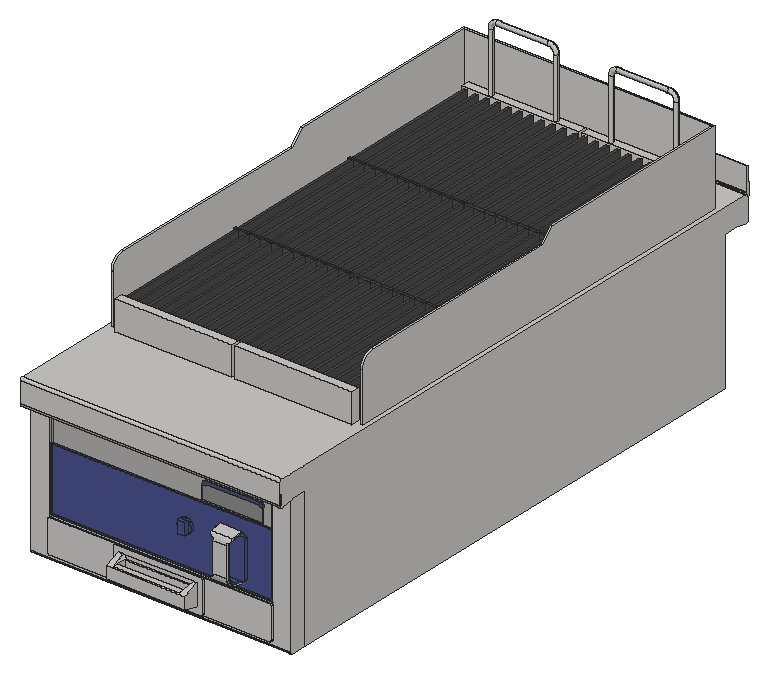
Revit family "QF_ELECTROLUXPROFESSIONAL_589279_MCDAABDOPO", category Specialty Equipment, Revit 2018
Family settings
  Round Connector Dimension = Use Diameter
  Part Type = Normal
  Work Plane-Based = No
  Always vertical = Yes
  Cut with Voids When Loaded = No
  Shared = No
  Room Calculation Point = No
Parameters
  Weight in Pounds = 143.3
  Watts = 0 W
  URL Cutsheet = ""
  Type Mark [instance] = ""
  Specification by User [instance] = ""
  Specification by Manufacturer = ""
  Show Clearance [instance] = yes
  Serial Number = ""
  Seismic Rating = ""
  SMACNA No = ""
  Revision Code [instance] = ""
  Omniclass Number and Title = ""
  NAFEM Spec ID Number = ""
  Model = "589279"
  Mechanical Remarks = ""
  Mechanical Connection Type = ""
  Masterspec = ""
  Manufacturer = "ELECTROLUX"
  Item Number [instance] = ""
  Installed By [instance] = ""
  Identify Quantity as Lot [instance] = yes
  HP = "0 HP"
  Gas Size = 3/4"
  Gas RI Height [instance] = 0 mm
  Gas KW = 10.5
  Gas Input [instance] = 35794.5 Btu/h
  Gas Connection Height = 0 mm
  Furnished By [instance] = ""
  Foodservice Equipment Identifier [instance] = yes
  Direct Waste Size = 0"
  Description = "GAS CHARGRILL,1SIDE,BACKSPL,400X900X250H"
  CSI MasterFormat = ""
  CSI Master Format = ""
Reference planes
  plane 1 "BACK": y = 0
  plane 2: z = 0
  plane 3 "LEFT": x = 0
  plane 4 "RIGHT": x = 400
  plane 5 "FRONT": y = -900
  plane 6 "TOP": z = 250
  plane 7: x = 200
  plane 8: y = -450
  plane 9: y = -1330
Forms (mm)
  Extrusion 1, solid, material "QF_Finishes_Stainless Steel"
    sketch origin (0, -487.128, 0) x (0, 1, 0) y (0, 0, 1)
      loop
        line (483.128, 250) -> (-408.872, 250)
        arc (-408.872, 250) -> (-411.7, 248.828) -> (-412.872, 246) r 4
        line (-412.872, 246) -> (-412.872, 214)
        arc (-412.872, 214) -> (-411.443, 210.936) -> (-408.177, 210.061) r 4
        line (-408.177, 210.061) -> (-391.509, 213) -> (-366.872, 213) -> (-366.872, 0) -> (441.128, 0) -> (441.128, 213) -> (465.765, 213) -> (482.433, 210.061)
        arc (482.433, 210.061) -> (485.699, 210.936) -> (487.128, 214) r 4
        line (487.128, 214) -> (487.128, 246)
        arc (487.128, 246) -> (485.956, 248.828) -> (483.128, 250) r 4
    from 0 to 400
  Extrusion 2, solid, material "QF_Finishes_Stainless Steel"
    sketch origin (0, -854, 0) x (1, 0, 0) y (0, -1, 0)
      loop
        circle (365, -264) r 6.35
    from 0 to 3.2
  Extrusion 3, solid, material "QF_Door-Drawer Clearances", visible <- "Show Clearance", detail levels coarse
    sketch origin (237.31, -881.593, 8.62) x (0, 0, 1) y (-1, 0, 0)
      loop
        line (1.973, -134.295) -> (49.317, -134.295)
        arc (49.317, -134.295) -> (50.776, -133.691) -> (51.38, -132.232) r 2.063
        line (51.38, -132.232) -> (51.38, 206.852)
        arc (51.38, 206.852) -> (50.88, 208.549) -> (49.541, 209.705) r 3.133
        line (49.541, 209.705) -> (3.067, 209.705)
        arc (3.067, 209.705) -> (0.898, 208.807) -> (0, 206.638) r 3.067
        line (0, 206.638) -> (0, -132.322)
        arc (0, -132.322) -> (0.578, -133.717) -> (1.973, -134.295) r 1.973
    from 0 to 448.407
  Extrusion 4, solid, material "QF_Clearances", visible <- "Show Clearance", detail levels coarse
    sketch origin (-178.969, -4572, 0) x (-1, 0, 0) y (0, -1, 0)
      loop
        line (-26.969, -3672) -> (-178.969, -3672) -> (-178.969, -4572) -> (-578.969, -4572) -> (-578.969, -3672) -> (-730.969, -3672) -> (-730.969, -4775) -> (-26.969, -4775) -> (-26.969, -3672)
    from 0 to 250
  Extrusion 5, solid, material "QF_Finishes_Stainless Steel"
    sketch origin (0, -950.048, 294.179) x (0, -1, 0) y (0, 0, -1)
      loop
        arc (-948.097, 42.179) -> (-947.511, 43.594) -> (-946.097, 44.179) r 2
        arc (-946.097, 44.179) -> (-948.877, 45.357) -> (-950.048, 48.185) r 4
        line (-950.048, 48.185) -> (-950.048, 6.179) -> (-948.097, 6.179) -> (-948.097, 42.179)
    from 0 to 400
Lines and regions (mm)
  symbolic lines
    curve 1: line (0, 0, 0) -> (400, 0, 0)
    curve 2: line (0, -900, 0) -> (0, 0, 0)
    curve 3: line (400, -900, 0) -> (0, -900, 0)
    curve 4: line (400, 0, 0) -> (400, -900, 0)
  symbolic lines, style "QF_Door-Drawer Clearances"
    curve 5: line (27.605, -1330, 0) -> (27.605, -900, 0)
    curve 6: line (27.605, -1330, 0) -> (371.605, -1330, 0)
    curve 7: line (371.605, -1330, 0) -> (371.605, -900, 0)
  symbolic lines, style "QF_Clearances", visible <- "Show Clearance", detail levels coarse
    curve 8: line (-152, 203, 0) -> (-152, -900, 0)
    curve 9: line (552, 203, 0) -> (-152, 203, 0)
    curve 10: line (552, -900, 0) -> (552, 203, 0)
  symbolic lines, style "SpecialityEquipment"
    curve 11: line (0, -1.951, 0) -> (400, -1.951, 0)
Dimensions and locks
  plane 3 "LEFT" to plane 4 "RIGHT" = 400 mm
  plane 5 "FRONT" to plane 1 "BACK" = 900 mm
  equal spacing: plane 3 "LEFT", plane 7, plane 4 "RIGHT"
  equal spacing: plane 5 "FRONT", plane 8, plane 1 "BACK"
  plane 6 "TOP" to level = 250 mm  (x2)
  plane 1 "BACK" to plane 5 "FRONT" = 900 mm
  Extrusion 2 sketch curve to plane 1 "BACK" = 590 mm
  Extrusion 2 sketch curve to plane 4 "RIGHT" = 35 mm
  plane 5 "FRONT" to plane 9 = 430 mm
  Extrusion 4 to plane 3 "LEFT" = 152 mm
  plane 4 "RIGHT" to Extrusion 4 = 152 mm
  plane 1 "BACK" to Extrusion 4 = 203 mm
  aligned and locked: level to plane 2
  aligned and locked: plane 7 to nested 1
  aligned and locked: Extrusion 3 to plane 9
  aligned and locked: plane 6 "TOP" to Extrusion 4
  aligned and locked: plane 7 to nested 2
  aligned and locked: Extrusion 5 to plane 4 "RIGHT"
Automatic sketch dimensions
  Extrusion 1 sketch curve to plane 5 "FRONT" = 0 mm
  Extrusion 1 sketch curve to plane 6 "TOP" = 0 mm
  Extrusion 1 sketch curve to level = 0 mm
  Extrusion 1 sketch curve to plane 1 "BACK" = 0 mm
  Extrusion 1 sketch curve to plane 6 "TOP" = 37 mm  (x2)
  Extrusion 1 sketch curve to plane 5 "FRONT" = 4 mm
  Extrusion 1 sketch curve to plane 5 "FRONT" = 21.363 mm
  Extrusion 1 sketch curve to plane 5 "FRONT" = 46 mm
  plane 1 "BACK" to Extrusion 1 sketch curve = 21.363 mm
  plane 1 "BACK" to Extrusion 1 sketch curve = 4 mm  (x2)
  Extrusion 1 sketch curve to Extrusion 1 sketch curve = 4 mm
  Extrusion 1 sketch curve to Extrusion 1 sketch curve = 0.695 mm
  Extrusion 1 sketch curve to Extrusion 1 sketch curve = 0 mm  (x4)
  plane 1 "BACK" to Extrusion 1 sketch curve = 4.695 mm
  Extrusion 1 sketch curve to Extrusion 1 sketch curve = 1 mm  (x2)
  plane 1 "BACK" to Extrusion 1 sketch curve = 46 mm
  Extrusion 3 sketch curve to nested 1 = 1.973 mm
  Extrusion 3 sketch curve to nested 1 = 2.853 mm
  Extrusion 3 sketch curve to nested 1 = 1.839 mm
  plane 1 "BACK" to Extrusion 4 sketch curve = 0 mm
  plane 5 "FRONT" to Extrusion 4 sketch curve = 0 mm  (x2)
  Extrusion 4 sketch curve to plane 4 "RIGHT" = 152 mm
  Extrusion 4 sketch curve to plane 1 "BACK" = 203 mm
  Extrusion 4 sketch curve to plane 3 "LEFT" = 152 mm
  Extrusion 4 sketch curve to plane 3 "LEFT" = 0 mm
  Extrusion 4 sketch curve to plane 4 "RIGHT" = 0 mm
  plane 1 "BACK" to curve 1 = 0 mm
  curve 1 to plane 4 "RIGHT" = 0 mm
  curve 7 to plane 9 = 0 mm
  curve 3 to plane 3 "LEFT" = 0 mm
  plane 5 "FRONT" to curve 3 = 0 mm
  plane 5 "FRONT" to curve 10 = 0 mm
  plane 5 "FRONT" to curve 8 = 0 mm
  curve 9 to plane 4 "RIGHT" = 152 mm
  plane 4 "RIGHT" to curve 7 = 28.395 mm
  plane 3 "LEFT" to curve 5 = 27.605 mm
  curve 8 to plane 3 "LEFT" = 152 mm
  curve 8 to plane 1 "BACK" = 203 mm
  curve 1 to curve 11 = 1.951 mm
  Extrusion 5 sketch curve to plane 1 "BACK" = 0 mm  (x2)
  Extrusion 5 sketch curve to plane 6 "TOP" = 2 mm
  Extrusion 5 sketch curve to plane 6 "TOP" = 0 mm
  Extrusion 5 sketch curve to Extrusion 5 sketch curve = 1.951 mm
  plane 6 "TOP" to Extrusion 5 sketch curve = 0.006 mm
  Extrusion 5 sketch curve to Extrusion 5 sketch curve = 0.049 mm
  Extrusion 5 sketch curve to Extrusion 5 sketch curve = 36 mm
  Extrusion 5 sketch curve to Extrusion 5 sketch curve = 0 mm
  radius of Extrusion 2 sketch curve = 6.35 mm
  radius of Extrusion 3 sketch curve to nested 1 = 0 mm  (x2)
Nested families
  nested 1: "GC_900_400 Front Panel with Center Grease Trap" at (202.376, -854, -650), type "GC_900_400 Front Panel with Center Grease Trap"
  nested 2: "GC_900_CharGrill" at (138.888, -5, 0), type "GC_900_CharGrill"
Connectors
  piping at (365, -590, -3.2), diameter 12.8
    settings: on Extrusion 2, index 1, connector inside diameter 0.50394", connector length 0 mm, flow factor 0, pipe flow 0 GPM, pressure drop 0.00 psi, fitting loss kfactor 0, connector angle 0.00°, fixture units 0, engagement length 0 mm, angle of deflection 0.00°, flow configuration 1, flow direction 1, fitting loss method 0, system type 7, joint type 0, gender type 0, connector reference index -1, connector utility 0, adjustable connector no, is connector primary yes, connector description "GAS CONNECTION"
Definition of nested family "GC_900_400 Front Panel with Center Grease Trap"
  Reference planes
    plane 1 "Center (Front/Back)": y = 0
    plane 2: z = 0
    plane 3 "Center (Left/Right)": x = -2.376
    plane 4: x = -202.376
    plane 5: x = 197.624
  Forms (mm)
    Extrusion 1, solid
      sketch origin (833.217, 829.203, -1.25) x (0, 1, 0) y (0, 0, 1)
        loop
          arc (-854.203, 654.25) -> (-853.324, 652.129) -> (-851.203, 651.25) r 3
          line (-851.203, 651.25) -> (-829.203, 651.25) -> (-829.203, 864.25) -> (-854.203, 864.25) -> (-854.203, 654.25)
      from -1035.593 to -635.593
    Extrusion 2, void
      sketch origin (33.217, 829.203, -1.25) x (1, 0, 0) y (0, 0, 1)
        loop
          line (-207.593, 855.116) -> (-207.593, 713.116) -> (136.407, 713.116) -> (136.407, 855.116) -> (-207.593, 855.116)
      from 848.59 to 854.203
    Extrusion 3, solid
      sketch origin (-166.718, -23.053, 847.184) x (0, 0, -1) y (1, 0, 0)
        loop
          circle (77.168, 200.901) r 11
      from 0 to 3.2
    Extrusion 4, solid
      sketch origin (-166.718, -26.253, 847.184) x (0, 0, -1) y (1, 0, 0)
        loop
          line (67.962, 195.586) -> (86.297, 195.586) -> (86.297, 206.217) -> (67.962, 206.217) -> (67.962, 195.586)
      from 0 to 6.4
  Cuts and joins
    Extrusion 2 cuts Extrusion 1
  Lines and regions (mm)
    symbolic lines
      curve 1: line (91.29, -48.326, 0) -> (91.29, -46, 0)
      curve 2: spline (96.959, -49.73, 0) -> (96.48, -49.657, 0) -> (96.002, -49.575, 0) -> (95.525, -49.486, 0) -> (95.049, -49.389, 0) -> (94.574, -49.283, 0) -> (94.101, -49.17, 0) -> (93.628, -49.049, 0) -> (93.158, -48.92, 0) -> (92.688, -48.783, 0) -> (92.22, -48.638, 0) -> (91.754, -48.486, 0) -> (91.29, -48.326, 0)
      curve 3: line (123.506, -48.326, 0) -> (123.506, -46, 0)
      curve 4: spline (123.506, -48.326, 0) -> (123.041, -48.486, 0) -> (122.575, -48.638, 0) -> (122.107, -48.783, 0) -> (121.638, -48.92, 0) -> (121.167, -49.049, 0) -> (120.695, -49.17, 0) -> (120.221, -49.283, 0) -> (119.746, -49.389, 0) -> (119.271, -49.486, 0) -> (118.794, -49.575, 0) -> (118.316, -49.657, 0) -> (117.837, -49.73, 0)
      curve 5: line (96.959, -49.73, 0) -> (117.837, -49.73, 0)
      curve 6: line (-54.768, -54.767, 0) -> (47.667, -54.767, 0)
      curve 7: line (47.667, -54.767, 0) -> (49.212, -46, 0)
      curve 8: line (-54.768, -54.767, 0) -> (-56.314, -46, 0)
  Dimensions and locks
    equal spacing: plane 5, plane 3 "Center (Left/Right)", plane 4
    plane 5 to plane 4 = 400 mm
    plane 5 to nested 1 = 90 mm
    aligned and locked: cut or joined group of Extrusion 1, Extrusion 2 to plane 4
    aligned and locked: plane 5 to cut or joined group of Extrusion 1, Extrusion 2
    aligned and locked: plane 3 "Center (Left/Right)" to nested 2
    aligned and locked: cut or joined group of Extrusion 1, Extrusion 2 to nested 2
    aligned and locked: plane 3 "Center (Left/Right)" to nested 3
  Automatic sketch dimensions
    curve 8 to plane 3 "Center (Left/Right)" = 52.392 mm
    plane 1 "Center (Front/Back)" to curve 8 = 54.767 mm
    plane 3 "Center (Left/Right)" to curve 6 = 50.042 mm
    curve 6 to curve 1 = 43.623 mm
    curve 1 to curve 5 = 5.669 mm
    curve 5 to curve 5 = 20.878 mm
    curve 5 to curve 3 = 5.669 mm
    curve 8 to curve 6 = 1.546 mm
    curve 6 to curve 7 = 1.546 mm
    plane 1 "Center (Front/Back)" to curve 2 = 6.899 mm
    curve 1 to curve 2 = 9.839 mm
    plane 1 "Center (Front/Back)" to curve 4 = 6.899 mm
    curve 2 to curve 4 = 12.538 mm
    curve 5 to curve 4 = 42.832 mm
    curve 2 to curve 1 = 1.405 mm
    curve 5 to curve 3 = 1.405 mm
    curve 3 to curve 3 = 2.326 mm
    curve 6 to curve 8 = 8.767 mm
    curve 2 to curve 1 = 2.326 mm
    curve 6 to curve 7 = 8.767 mm
    Extrusion 1 sketch curve to plane 1 "Center (Front/Back)" = 0 mm
    level to Extrusion 1 sketch curve = 650 mm
    Extrusion 1 sketch curve to Extrusion 1 sketch curve = 22 mm
    Extrusion 1 sketch curve to Extrusion 1 sketch curve = 3 mm
    Extrusion 1 sketch curve to Extrusion 1 sketch curve = 210 mm
    plane 4 to Extrusion 2 sketch curve = 28 mm
    level to Extrusion 2 sketch curve = 711.866 mm
    Extrusion 2 sketch curve to plane 5 = 28 mm
    Extrusion 2 sketch curve to Extrusion 2 sketch curve = 142 mm
    nested 2 to Extrusion 3 sketch curve = 40.144 mm
    Extrusion 3 sketch curve to nested 2 = 132.531 mm
    Extrusion 4 sketch curve to Extrusion 4 sketch curve = 18.335 mm
    Extrusion 4 sketch curve to Extrusion 4 sketch curve = 10.631 mm
    radius of Extrusion 3 sketch curve = 11 mm
  Nested families
    nested 1: "Range Control Handle" at (107.624, -28.137, -209.113) x (-1, 0, 0) z (0, 0, 1), type "Range Control Handle"
    nested 2: "glass conrol panel" at (-2.376, 280.644, 2.752), type "glass conrol panel"
    nested 3: "grease trap door" at (65.223, -25, 0.608) x (-1, 0, 0) z (0, 0, 1), type "grease trap door"
  Definition of nested family "Range Control Handle"
    Reference planes
      plane 1 "Center (Front/Back)": y = 0
      plane 2: z = 0
      plane 3 "Center (Left/Right)": x = 0
      plane 4: z = 971.092
    Forms (mm)
      Extrusion 1, solid
        sketch origin (-746.28, 380.497, 208.931) x (-1, 0, 0) y (0, 0, 1)
          loop
            line (-770.101, 786.798) -> (-770.101, 731.649)
            arc (-770.101, 731.649) -> (-769.759, 730.563) -> (-768.855, 729.87) r 1.893
            line (-768.855, 729.87) -> (-763.474, 727.911) -> (-729.81, 727.911) -> (-724.428, 729.87)
            arc (-724.428, 729.87) -> (-723.525, 730.563) -> (-723.183, 731.649) r 1.893
            line (-723.183, 731.649) -> (-723.183, 786.798)
            arc (-723.183, 786.798) -> (-723.529, 787.894) -> (-724.44, 788.593) r 1.91
            line (-724.44, 788.593) -> (-729.683, 790.819) -> (-763.601, 790.819) -> (-768.844, 788.593)
            arc (-768.844, 788.593) -> (-769.755, 787.894) -> (-770.101, 786.798) r 1.91
        from -382.35 to -378.852
      Sweep 2, solid
        path origin (-746.788, 380.496, 208.091) x (0, -1, 0) y (0, 0, 1)
          loop
            line (379.775, 793.281) -> (395.661, 791.048)
            arc (395.661, 791.048) -> (397.781, 787.377) -> (398.517, 783.202) r 12.207
            line (398.517, 783.202) -> (398.517, 737.368)
            arc (398.517, 737.368) -> (397.781, 733.193) -> (395.661, 729.522) r 12.207
            line (395.661, 729.522) -> (379.775, 727.289)
        profile origin (-746.788, -7.222, 1000.256) x (0, -0.139173, 0.990268) y (-1, 0, 0)
          loop
            line (0.782, -763.123) -> (0.782, -730.907) -> (-1.322, -730.907) -> (-1.322, -763.123) -> (0.782, -763.123)
      Sweep 3, solid
        path origin (-746.788, 380.715, 207.832) x (0, -1, 0) y (0, 0, 1)
          loop
            line (380.478, 795.442) -> (397.218, 793.09)
            arc (397.218, 793.09) -> (399.929, 788.473) -> (400.871, 783.202) r 15.207
            line (400.871, 783.202) -> (400.871, 737.584)
            arc (400.871, 737.584) -> (399.914, 732.274) -> (397.164, 727.633) r 15.207
            line (397.164, 727.633) -> (380.601, 725.305)
        profile origin (-746.788, -8.132, 1002.099) x (0, -0.139173, 0.990268) y (-1, 0, 0)
          loop
            line (0.782, -763.123) -> (0.782, -730.907) -> (-1.322, -730.907) -> (-1.322, -763.123) -> (0.782, -763.123)
      Extrusion 4, void
        sketch origin (889.253, 220.666, 207.993) x (1, 0, 0) y (0, 0, 1)
          loop
            line (-943.038, 816.854) -> (-943.038, 703.686) -> (-899.466, 734.196) -> (-899.466, 786.344) -> (-943.038, 816.854)
        from 230.636 to 242.25
      Extrusion 5, void
        sketch origin (-888.8, 220.666, 207.993) x (-1, 0, 0) y (0, 0, -1)
          loop
            line (-943.038, -816.854) -> (-899.466, -786.344) -> (-899.466, -734.196) -> (-943.038, -703.686) -> (-943.038, -816.854)
        from 230.636 to 242.25
      Extrusion 6, solid
        sketch origin (0, 0, 0) x (1, 0, 0) y (0, 0, 1)
          loop
            circle (0, 971.092) r 7.736
        from -3.137 to -1.645
    Cuts and joins
      Extrusion 4, Extrusion 5 cuts Sweep 3
      Extrusion 4, Extrusion 5 cuts Sweep 2
      joined: Extrusion 1, Extrusion 6
    Lines and regions (mm)
      symbolic lines
        curve 1: line (23.821, 1.645, 0) -> (-23.097, 1.645, 0)
        curve 2: line (16.334, -1.853, 0) -> (23.821, -1.853, 0)
        curve 3: line (-15.881, -19.189, 0) -> (-15.881, -1.853, 0)
        curve 4: line (-23.097, -1.853, 0) -> (-15.881, -1.853, 0)
        curve 5: line (16.334, -19.189, 0) -> (16.334, -1.853, 0)
        curve 6: spline (-15.881, -19.189, 0) -> (-15.417, -19.349, 0) -> (-14.951, -19.501, 0) -> (-14.483, -19.646, 0) -> (-14.014, -19.783, 0) -> (-13.543, -19.912, 0) -> (-13.071, -20.033, 0) -> (-12.597, -20.146, 0) -> (-12.122, -20.251, 0) -> (-11.646, -20.349, 0) -> (-11.169, -20.438, 0) -> (-10.691, -20.52, 0) -> (-10.213, -20.593, 0)
        curve 7: spline (10.666, -20.593, 0) -> (11.144, -20.52, 0) -> (11.622, -20.438, 0) -> (12.099, -20.349, 0) -> (12.575, -20.251, 0) -> (13.05, -20.146, 0) -> (13.524, -20.033, 0) -> (13.996, -19.912, 0) -> (14.467, -19.783, 0) -> (14.936, -19.646, 0) -> (15.404, -19.501, 0) -> (15.87, -19.349, 0) -> (16.334, -19.189, 0)
        curve 8: line (-10.213, -20.938, 0) -> (10.716, -20.938, 0)
        curve 9: line (-23.097, 1.645, 0) -> (-23.097, -1.853, 0)
        curve 10: line (23.821, 1.645, 0) -> (23.821, -1.853, 0)
  Definition of nested family "glass conrol panel"
    Reference planes
      plane 1 "Center (Front/Back)": y = 0
      plane 2: z = 0
      plane 3 "Center (Left/Right)": x = 0
    Forms (mm)
      Extrusion 1, solid
        sketch origin (378.286, 0, 0.617) x (1, 0, 0) y (0, 0, 1)
          loop
            line (-550.286, 806.791) -> (-550.286, 708.497) -> (-206.286, 708.497) -> (-206.286, 806.791) -> (-550.286, 806.791)
        from 300.031 to 304.8
      Extrusion 2, solid
        sketch origin (378.286, 0, 0.617) x (1, 0, 0) y (0, 0, 1)
          loop
            line (-550.286, 850.497) -> (-550.286, 806.791) -> (-206.286, 806.791) -> (-206.286, 850.497) -> (-550.286, 850.497)
        from 300.031 to 304.8
      Extrusion 3, void
        sketch origin (378.286, 0, 0.617) x (1, 0, 0) y (0, 0, 1)
          loop
            line (-547.628, 847.565) -> (-547.628, 710.699) -> (-209.196, 710.699) -> (-209.196, 847.565) -> (-547.628, 847.565)
        from 303.697 to 304.8
      Extrusion 4, solid
        sketch origin (-198.333, 1.101, -0.633) x (-1, 0, 0) y (0, 0, -1)
          loop
            line (-261.431, -812.62) -> (-355.186, -812.62) -> (-355.186, -834.177) -> (-350.269, -834.177) -> (-348.469, -835.977) -> (-268.039, -835.977) -> (-266.24, -834.177) -> (-261.431, -834.177) -> (-261.431, -812.62)
        from 304.798 to 306.745
      Extrusion 5, solid
        sketch origin (-198.333, 1.101, -0.633) x (-1, 0, 0) y (0, 0, -1)
          loop
            line (-350.269, -834.177) -> (-355.078, -834.177)
            arc (-355.078, -834.177) -> (-353.942, -838.747) -> (-349.686, -840.763) r 5.5
            line (-349.686, -840.763) -> (-266.98, -840.763)
            arc (-266.98, -840.763) -> (-262.706, -838.752) -> (-261.529, -834.177) r 5.549
            line (-261.529, -834.177) -> (-266.24, -834.177) -> (-268.039, -835.977) -> (-348.469, -835.977) -> (-350.269, -834.177)
        from 304.798 to 306.745
    Cuts and joins
      Extrusion 3 cuts Extrusion 1
      Extrusion 3 cuts Extrusion 2
    Dimensions and locks
      aligned and locked: Extrusion 1 to Extrusion 2
      aligned and locked: Extrusion 5 sketch curve to Extrusion 4  (x5)
      aligned and locked: Extrusion 5 to Extrusion 4
  Definition of nested family "grease trap door"
    Reference planes
      plane 1 "Center (Front/Back)": y = 0
      plane 2: z = 0
      plane 3 "Center (Left/Right)": x = 0
    Forms (mm)
      Extrusion 1, solid
        sketch origin (1627.55, 854.203, -1.25) x (1, 0, 0) y (0, 0, 1)
          loop
            arc (-1627.55, 661.235) -> (-1626.972, 659.84) -> (-1625.577, 659.262) r 1.973
            line (-1625.577, 659.262) -> (-1494.325, 659.262)
            arc (-1494.325, 659.262) -> (-1492.156, 660.16) -> (-1491.258, 662.329) r 3.067
            line (-1491.258, 662.329) -> (-1491.258, 708.803)
            arc (-1491.258, 708.803) -> (-1492.414, 710.143) -> (-1494.111, 710.642) r 3.133
            line (-1494.111, 710.642) -> (-1625.486, 710.642)
            arc (-1625.486, 710.642) -> (-1626.945, 710.038) -> (-1627.55, 708.579) r 2.063
            line (-1627.55, 708.579) -> (-1627.55, 661.235)
        from 856.795 to 859.203
      Extrusion 2, solid
        sketch origin (445.874, 2476.61, 0) x (0, 1, 0) y (0, 0, 1)
          loop
            line (-2506.377, 675.273) -> (-2481.61, 667.505) -> (-2481.61, 700.995) -> (-2506.377, 693.227) -> (-2506.377, 675.273)
        from -437.68 to -317.68
      Extrusion 3, void
        sketch origin (1627.55, 854.203, -1.25) x (1, 0, 0) y (0, 0, 1)
          loop
            line (-1614.883, 703) -> (-1610.542, 695.433) -> (-1508.17, 695.433) -> (-1503.828, 703) -> (-1614.883, 703)
          loop
            line (-1614.883, 668) -> (-1502.669, 668) -> (-1507.01, 675.567) -> (-1610.542, 675.567) -> (-1614.883, 668)
        from 832.916 to 883.97
      Extrusion 4, void
        sketch origin (447.55, 854.203, -1.25) x (1, 0, 0) y (0, 0, 1)
          loop
            line (-430.542, 695.433) -> (-430.542, 675.567) -> (-328.17, 675.567) -> (-328.17, 695.433) -> (-430.542, 695.433)
        from 859.203 to 874.202
      Extrusion 5, solid
        sketch origin (1627.55, 854.203, -1.25) x (1, 0, 0) y (0, 0, 1)
          loop
            arc (-1731.556, 661.235) -> (-1730.978, 659.84) -> (-1729.583, 659.262) r 1.973
            line (-1729.583, 659.262) -> (-1390.623, 659.262)
            arc (-1390.623, 659.262) -> (-1388.454, 660.16) -> (-1387.556, 662.329) r 3.067
            line (-1387.556, 662.329) -> (-1387.556, 708.803)
            arc (-1387.556, 708.803) -> (-1388.712, 710.143) -> (-1390.409, 710.642) r 3.133
            line (-1390.409, 710.642) -> (-1729.493, 710.642)
            arc (-1729.493, 710.642) -> (-1730.952, 710.038) -> (-1731.556, 708.579) r 2.063
            line (-1731.556, 708.579) -> (-1731.556, 661.235)
        from 854.203 to 856.795
    Cuts and joins
      Extrusion 3 cuts Extrusion 1
      Extrusion 3, Extrusion 4 cuts Extrusion 2
      joined: Extrusion 1, Extrusion 2
    Lines and regions (mm)
      symbolic lines
        curve 1: line (0, -2.593, 0) -> (136.292, -2.593, 0)
        curve 2: line (17.557, -29.767, 0) -> (12.667, -2.593, 0)
        curve 3: line (17.557, -29.767, 0) -> (119.991, -29.767, 0)
        curve 4: line (119.991, -29.767, 0) -> (124.881, -2.593, 0)
        curve 5: line (68.146, -2.593, 0) -> (68.146, -29.767, 0)
      model lines
        curve 6: line (67.599, 0, 658.012) -> (67.599, 0, 709.392)
    Dimensions and locks
      aligned and locked: Extrusion 2 to Extrusion 1
      aligned and locked: Extrusion 3 to Extrusion 2
      aligned and locked: Extrusion 4 to Extrusion 1
Definition of nested family "GC_900_CharGrill"
  Parameters
    Width [instance] = 400 mm
    No. of Rails [instance] = 2
    Grill Width [instance] = 180 mm
  Reference planes
    plane 1 "Center (Front/Back)": y = 0
    plane 2: z = 0
    plane 3 "Center (Left/Right)": x = -138.888
    plane 4: y = -900
    plane 5: x = 261.112
    plane 6: x = 61.112
    plane 7: y = -450
    plane 8: z = 250
    plane 9: x = -132.538
    plane 10: x = 254.762
    plane 11: y = -53.75
  Forms (mm)
    Extrusion 1, solid
      sketch origin (-132.538, 36.469, 1219.2) x (0, 1, 0) y (0, 0, 1)
        loop
          line (-90.219, -969.2) -> (-90.219, -854.2) -> (-400.219, -854.2) -> (-419.147, -873.128) -> (-744.324, -873.128)
          arc (-744.324, -873.128) -> (-758.466, -878.986) -> (-764.324, -893.128) r 20
          line (-764.324, -893.128) -> (-764.324, -969.2) -> (-90.219, -969.2)
      from 0 to 3.2
    Extrusion 2, solid
      sketch origin (254.762, 36.469, 1219.2) x (0, 1, 0) y (0, 0, -1)
        loop
          line (-90.219, 969.2) -> (-764.324, 969.2) -> (-764.324, 893.128)
          arc (-764.324, 893.128) -> (-758.466, 878.986) -> (-744.324, 873.128) r 20
          line (-744.324, 873.128) -> (-419.147, 873.128) -> (-400.219, 854.2) -> (-90.219, 854.2) -> (-90.219, 969.2)
      from 0 to 3.2
    Extrusion 3, solid
      sketch origin (-132.538, -53.75, 1219.2) x (-1, 0, 0) y (0, 0, 1)
        loop
          line (-387.3, -854.2) -> (-387.3, -969.2) -> (0, -969.2) -> (0, -854.2) -> (-387.3, -854.2)
      from 0 to 3.2
  Cuts and joins
    joined: Extrusion 1, Extrusion 2, Extrusion 3
  Lines and regions (mm)
    symbolic lines
      curve 1: line (254.762, -50.55, 0) -> (-132.538, -50.55, 0)
      curve 2: line (-132.538, -50.55, 0) -> (-132.538, -363.75, 0)
      curve 3: line (-132.538, -363.75, 0) -> (-129.338, -363.75, 0)
      curve 4: line (-129.338, -363.75, 0) -> (-129.338, -53.75, 0)
      curve 5: line (-129.338, -53.75, 0) -> (251.562, -53.75, 0)
      curve 6: line (251.562, -53.75, 0) -> (251.562, -363.75, 0)
      curve 7: line (251.562, -363.75, 0) -> (254.762, -363.75, 0)
      curve 8: line (254.762, -363.75, 0) -> (254.762, -50.55, 0)
  Dimensions and locks
    "Width": plane 3 "Center (Left/Right)" to plane 5
    plane 4 to plane 1 "Center (Front/Back)" = 900 mm
    equal spacing: plane 3 "Center (Left/Right)", plane 6, plane 5
    equal spacing: plane 4, plane 7, plane 1 "Center (Front/Back)"
    plane 8 to level = 250 mm
    locked: plane 3 "Center (Left/Right)" to plane 9 at 6.35
    locked: plane 10 to plane 5 at 6.35
    locked: nested 1 to plane 3 "Center (Left/Right)" at 17.5
    group 1 to group 2 = 185 mm
    group 1 to group 2 = 0 mm  (x2)
    locked: plane 5 to nested 2 at 17.5
  Automatic sketch dimensions
    Extrusion 1 sketch curve to plane 8 = 0 mm
    Extrusion 1 sketch curve to plane 4 = 172.145 mm
    plane 8 to Extrusion 1 sketch curve = 76.072 mm
    Extrusion 1 sketch curve to Extrusion 1 sketch curve = 20 mm
    plane 7 to Extrusion 1 sketch curve = 67.322 mm
    Extrusion 1 sketch curve to Extrusion 1 sketch curve = 18.928 mm  (x2)
    plane 1 "Center (Front/Back)" to Extrusion 1 sketch curve = 53.75 mm
    Extrusion 2 sketch curve to plane 8 = 0 mm
    plane 4 to Extrusion 2 sketch curve = 172.145 mm
    Extrusion 2 sketch curve to plane 8 = 76.072 mm
    Extrusion 2 sketch curve to Extrusion 2 sketch curve = 20 mm
    Extrusion 2 sketch curve to plane 7 = 67.322 mm
    Extrusion 2 sketch curve to Extrusion 2 sketch curve = 18.928 mm  (x2)
    Extrusion 2 sketch curve to plane 1 "Center (Front/Back)" = 53.75 mm
    Extrusion 3 sketch curve to plane 8 = 0 mm
    plane 10 to Extrusion 3 sketch curve = 0 mm
    Extrusion 3 sketch curve to plane 9 = 0 mm
    plane 8 to Extrusion 3 sketch curve = 115 mm
    curve 1 to plane 9 = 0 mm
    curve 5 to plane 11 = 0 mm
    curve 1 to plane 10 = 0 mm
    plane 7 to curve 8 = 86.25 mm
    plane 9 to curve 5 = 3.2 mm
    plane 10 to curve 5 = 3.2 mm
    plane 7 to curve 2 = 86.25 mm
    plane 11 to curve 1 = 3.2 mm
  Nested families
    nested 1: "Grill" at (17.5, -55, 250), Width <- "Grill Width", type "Grill"
    nested 2: "Grill" at (202.5, -55, 250), Width <- "Grill Width", type "Grill"
      with Width 180 mm
  Definition of nested family "Grill"
    Parameters
      Width [instance] = 180 mm
    Reference planes
      plane 1 "Center (Front/Back)": y = 0
      plane 2: z = 0
      plane 3 "Center (Left/Right)": x = -138.888
      plane 4: y = -680
      plane 5: x = 41.112
      plane 6: x = -48.888
      plane 7: y = -340
      plane 8: z = 150
      plane 9: x = -133.888
      plane 10: x = 36.112
      plane 11: x = -116.888
      plane 12: x = -99.888
      plane 13: x = -82.888
      plane 14: x = -65.888
      plane 15: x = -48.888
      plane 16: x = -31.888
      plane 17: x = -14.888
      plane 18: x = 2.112
      plane 19: x = 19.112
    Forms (mm)
      Extrusion 1, solid
        sketch origin (0, 0, 0) x (1, 0, 0) y (0, 0, 1)
          loop
            line (41.112, 0) -> (41.112, 45) -> (-138.888, 45) -> (-138.888, 0) -> (41.112, 0)
        from 0 to 12.7
      Extrusion 2, solid
        sketch origin (414.497, -680, 1219.2) x (1, 0, 0) y (0, 0, 1)
          loop
            line (-373.385, -1219.2) -> (-373.385, -1174.2) -> (-553.385, -1174.2) -> (-553.385, -1219.2) -> (-373.385, -1219.2)
        from 0 to -12.7
      Sweep 3, solid
        path origin (-132.538, -6.35, 1219.2) x (-1, 0, 0) y (0, 0, 1)
          loop
            line (-33.65, -1174.2) -> (-33.65, -1082.375)
            arc (-33.65, -1082.375) -> (-36.579, -1075.304) -> (-43.65, -1072.375) r 10
            line (-43.65, -1072.375) -> (-123.65, -1072.375)
            arc (-123.65, -1072.375) -> (-130.721, -1075.304) -> (-133.65, -1082.375) r 10
            line (-133.65, -1082.375) -> (-133.65, -1174.2)
        profile origin (-98.888, -6.35, 90.912) x (1, 0, 0) y (0, 1, 0)
          loop
            circle (0, 0) r 3.175
      Extrusion 4, solid
        sketch origin (-1.925, -12.7, -4.375) x (1, 0, 0) y (0, 0, 1)
          loop
            line (-133.955, 46.301) -> (-134.968, 31.301) -> (-128.957, 31.301) -> (-129.97, 46.301) -> (-133.955, 46.301)
        from 0 to 654.6
      Extrusion 5, solid
        sketch origin (168.075, -12.7, -4.375) x (1, 0, 0) y (0, 0, 1)
          loop
            line (-133.955, 46.301) -> (-134.968, 31.301) -> (-128.957, 31.301) -> (-129.97, 46.301) -> (-133.955, 46.301)
        from 0 to 654.6
      Extrusion 6, solid
        sketch origin (15.075, -12.7, -4.375) x (1, 0, 0) y (0, 0, 1)
          loop
            line (-133.955, 46.301) -> (-134.968, 31.301) -> (-128.957, 31.301) -> (-129.97, 46.301) -> (-133.955, 46.301)
        from 0 to 654.6
      Extrusion 7, solid
        sketch origin (32.075, -12.7, -4.375) x (1, 0, 0) y (0, 0, 1)
          loop
            line (-133.955, 46.301) -> (-134.968, 31.301) -> (-128.957, 31.301) -> (-129.97, 46.301) -> (-133.955, 46.301)
        from 0 to 654.6
      Extrusion 8, solid
        sketch origin (49.075, -12.7, -4.375) x (1, 0, 0) y (0, 0, 1)
          loop
            line (-133.955, 46.301) -> (-134.968, 31.301) -> (-128.957, 31.301) -> (-129.97, 46.301) -> (-133.955, 46.301)
        from 0 to 654.6
      Extrusion 9, solid
        sketch origin (66.075, -12.7, -4.375) x (1, 0, 0) y (0, 0, 1)
          loop
            line (-133.955, 46.301) -> (-134.968, 31.301) -> (-128.957, 31.301) -> (-129.97, 46.301) -> (-133.955, 46.301)
        from 0 to 654.6
      Extrusion 10, solid
        sketch origin (83.075, -12.7, -4.375) x (1, 0, 0) y (0, 0, 1)
          loop
            line (-133.955, 46.301) -> (-134.968, 31.301) -> (-128.957, 31.301) -> (-129.97, 46.301) -> (-133.955, 46.301)
        from 0 to 654.6
      Extrusion 11, solid
        sketch origin (100.075, -12.7, -4.375) x (1, 0, 0) y (0, 0, 1)
          loop
            line (-133.955, 46.301) -> (-134.968, 31.301) -> (-128.957, 31.301) -> (-129.97, 46.301) -> (-133.955, 46.301)
        from 0 to 654.6
      Extrusion 12, solid
        sketch origin (117.075, -12.7, -4.375) x (1, 0, 0) y (0, 0, 1)
          loop
            line (-133.955, 46.301) -> (-134.968, 31.301) -> (-128.957, 31.301) -> (-129.97, 46.301) -> (-133.955, 46.301)
        from 0 to 654.6
      Extrusion 13, solid
        sketch origin (134.075, -12.7, -4.375) x (1, 0, 0) y (0, 0, 1)
          loop
            line (-133.955, 46.301) -> (-134.968, 31.301) -> (-128.957, 31.301) -> (-129.97, 46.301) -> (-133.955, 46.301)
        from 0 to 654.6
      Extrusion 14, solid
        sketch origin (151.075, -12.7, -4.375) x (1, 0, 0) y (0, 0, 1)
          loop
            line (-133.955, 46.301) -> (-134.968, 31.301) -> (-128.957, 31.301) -> (-129.97, 46.301) -> (-133.955, 46.301)
        from 0 to 654.6
      Extrusion 15, solid
        sketch origin (-138.888, -110, 0) x (0, 1, 0) y (0, 0, 1)
          loop
            line (-341.993, 41.926) -> (-343.006, 26.926) -> (-336.994, 26.926) -> (-338.007, 41.926) -> (-341.993, 41.926)
          loop
            line (-121.993, 41.926) -> (-123.006, 26.926) -> (-116.994, 26.926) -> (-118.007, 41.926) -> (-121.993, 41.926)
        from 0 to 180
    Lines and regions (mm)
      symbolic lines
        curve 1: line (-136.894, -12.7, 0) -> (-136.894, -667.3, 0)
        curve 2: line (-130.882, -12.7, 0) -> (-130.882, -667.3, 0)
        curve 3: line (33.106, -12.7, 0) -> (33.106, -667.3, 0)
        curve 4: line (39.118, -12.7, 0) -> (39.118, -667.3, 0)
        curve 5: line (-119.894, -12.7, 0) -> (-119.894, -667.3, 0)
        curve 6: line (-113.882, -12.7, 0) -> (-113.882, -667.3, 0)
        curve 7: line (-102.894, -12.7, 0) -> (-102.894, -667.3, 0)
        curve 8: line (-96.882, -12.7, 0) -> (-96.882, -667.3, 0)
        curve 9: line (-85.894, -12.7, 0) -> (-85.894, -667.3, 0)
        curve 10: line (-79.882, -12.7, 0) -> (-79.882, -667.3, 0)
        curve 11: line (-68.894, -12.7, 0) -> (-68.894, -667.3, 0)
        curve 12: line (-62.882, -12.7, 0) -> (-62.882, -667.3, 0)
        curve 13: line (-51.894, -12.7, 0) -> (-51.894, -667.3, 0)
        curve 14: line (-45.882, -12.7, 0) -> (-45.882, -667.3, 0)
        curve 15: line (-34.894, -12.7, 0) -> (-34.894, -667.3, 0)
        curve 16: line (-28.882, -12.7, 0) -> (-28.882, -667.3, 0)
        curve 17: line (-17.894, -12.7, 0) -> (-17.894, -667.3, 0)
        curve 18: line (-11.882, -12.7, 0) -> (-11.882, -667.3, 0)
        curve 19: line (-0.894, -12.7, 0) -> (-0.894, -667.3, 0)
        curve 20: line (5.118, -12.7, 0) -> (5.118, -667.3, 0)
        curve 21: line (16.106, -12.7, 0) -> (16.106, -667.3, 0)
        curve 22: line (22.118, -12.7, 0) -> (22.118, -667.3, 0)
        curve 23: line (-98.888, -3.175, 0) -> (1.112, -3.175, 0)
        curve 24: line (1.112, -9.525, 0) -> (-98.888, -9.525, 0)
        curve 25: arc (-98.888, -3.175, 0) -> (-102.063, -6.35, 0) -> (-98.888, -9.525, 0) r 3.175
        curve 26: arc (1.112, -3.175, 0) -> (4.287, -6.35, 0) -> (1.112, -9.525, 0) r 3.175
        curve 27: line (-138.888, 0, 0) -> (41.112, 0, 0)
        curve 28: line (-138.888, -12.7, 0) -> (-138.888, 0, 0)
        curve 29: line (41.112, -12.7, 0) -> (-138.888, -12.7, 0)
        curve 30: line (41.112, 0, 0) -> (41.112, -12.7, 0)
        curve 31: line (-138.888, -667.3, 0) -> (41.112, -667.3, 0)
        curve 32: line (-138.888, -680, 0) -> (-138.888, -667.3, 0)
        curve 33: line (41.112, -680, 0) -> (-138.888, -680, 0)
        curve 34: line (41.112, -667.3, 0) -> (41.112, -680, 0)
    Dimensions and locks
      "Width": plane 3 "Center (Left/Right)" to plane 5
      plane 4 to plane 1 "Center (Front/Back)" = 680 mm  (x2)
      equal spacing: plane 3 "Center (Left/Right)", plane 6, plane 5
      equal spacing: plane 4, plane 7, plane 1 "Center (Front/Back)"
      plane 8 to level = 150 mm
      equal spacing: group 1, group 3, group 4, group 5, group 6, group 7, group 8, group 9, group 10, group 11, group 2  (x3)
      locked: plane 9 to plane 3 "Center (Left/Right)" at 5
      locked: plane 5 to plane 10 at 5
      aligned and locked: plane 5 to Extrusion 15
    Automatic sketch dimensions
      Extrusion 4 sketch curve to Extrusion 4 sketch curve = 15 mm
      Extrusion 4 sketch curve to Extrusion 4 sketch curve = 1.013 mm
      Extrusion 4 sketch curve to Extrusion 4 sketch curve = 3.985 mm
      Extrusion 4 sketch curve to Extrusion 4 sketch curve = 6.011 mm
      Extrusion 5 sketch curve to Extrusion 5 sketch curve = 15 mm
      Extrusion 5 sketch curve to Extrusion 5 sketch curve = 1.013 mm
      Extrusion 5 sketch curve to Extrusion 5 sketch curve = 3.985 mm
      Extrusion 5 sketch curve to Extrusion 5 sketch curve = 6.011 mm
      Extrusion 6 sketch curve to Extrusion 6 sketch curve = 15 mm
      Extrusion 6 sketch curve to Extrusion 6 sketch curve = 1.013 mm
      Extrusion 6 sketch curve to Extrusion 6 sketch curve = 3.985 mm
      Extrusion 6 sketch curve to Extrusion 6 sketch curve = 6.011 mm
      Extrusion 7 sketch curve to Extrusion 7 sketch curve = 15 mm
      Extrusion 7 sketch curve to Extrusion 7 sketch curve = 1.013 mm
      Extrusion 7 sketch curve to Extrusion 7 sketch curve = 3.985 mm
      Extrusion 7 sketch curve to Extrusion 7 sketch curve = 6.011 mm
      Extrusion 8 sketch curve to Extrusion 8 sketch curve = 15 mm
      Extrusion 8 sketch curve to Extrusion 8 sketch curve = 1.013 mm
      Extrusion 8 sketch curve to Extrusion 8 sketch curve = 3.985 mm
      Extrusion 8 sketch curve to Extrusion 8 sketch curve = 6.011 mm
      Extrusion 9 sketch curve to Extrusion 9 sketch curve = 15 mm
      Extrusion 9 sketch curve to Extrusion 9 sketch curve = 1.013 mm
      Extrusion 9 sketch curve to Extrusion 9 sketch curve = 3.985 mm
      Extrusion 9 sketch curve to Extrusion 9 sketch curve = 6.011 mm
      Extrusion 10 sketch curve to Extrusion 10 sketch curve = 15 mm
      Extrusion 10 sketch curve to Extrusion 10 sketch curve = 1.013 mm
      Extrusion 10 sketch curve to Extrusion 10 sketch curve = 3.985 mm
      Extrusion 10 sketch curve to Extrusion 10 sketch curve = 6.011 mm
      Extrusion 11 sketch curve to Extrusion 11 sketch curve = 15 mm
      Extrusion 11 sketch curve to Extrusion 11 sketch curve = 1.013 mm
      Extrusion 11 sketch curve to Extrusion 11 sketch curve = 3.985 mm
      Extrusion 11 sketch curve to Extrusion 11 sketch curve = 6.011 mm
      Extrusion 12 sketch curve to Extrusion 12 sketch curve = 15 mm
      Extrusion 12 sketch curve to Extrusion 12 sketch curve = 1.013 mm
      Extrusion 12 sketch curve to Extrusion 12 sketch curve = 3.985 mm
      Extrusion 12 sketch curve to Extrusion 12 sketch curve = 6.011 mm
      Extrusion 13 sketch curve to Extrusion 13 sketch curve = 15 mm
      Extrusion 13 sketch curve to Extrusion 13 sketch curve = 1.013 mm
      Extrusion 13 sketch curve to Extrusion 13 sketch curve = 3.985 mm
      Extrusion 13 sketch curve to Extrusion 13 sketch curve = 6.011 mm
      Extrusion 14 sketch curve to Extrusion 14 sketch curve = 15 mm
      Extrusion 14 sketch curve to Extrusion 14 sketch curve = 1.013 mm
      Extrusion 14 sketch curve to Extrusion 14 sketch curve = 3.985 mm
      Extrusion 14 sketch curve to Extrusion 14 sketch curve = 6.011 mm
      Extrusion 1 sketch curve to level = 0 mm
      Extrusion 1 sketch curve to plane 3 "Center (Left/Right)" = 0 mm
      Extrusion 1 sketch curve to plane 5 = 0 mm
      level to Extrusion 1 sketch curve = 45 mm
      Extrusion 2 sketch curve to level = 0 mm
      Extrusion 2 sketch curve to plane 3 "Center (Left/Right)" = 0 mm
      Extrusion 2 sketch curve to plane 5 = 0 mm
      level to Extrusion 2 sketch curve = 45 mm
      Sweep 3 sketch curve to plane 8 = 13.175 mm
      Sweep 3 sketch curve to plane 8 = 3.175 mm
      Sweep 3 sketch curve to Sweep 3 sketch curve = 10 mm
      Sweep 3 sketch curve to plane 6 = 40 mm
      level to Sweep 3 sketch curve = 45 mm  (x2)
      Sweep 3 sketch curve to profile plane = 0 mm  (x2)
      level to Extrusion 15 sketch curve = 26.926 mm  (x2)
      Extrusion 15 sketch curve to Extrusion 15 sketch curve = 15 mm  (x2)
      plane 7 to Extrusion 15 sketch curve = 106.994 mm
      Extrusion 15 sketch curve to Extrusion 15 sketch curve = 1.013 mm  (x2)
      Extrusion 15 sketch curve to Extrusion 15 sketch curve = 3.985 mm  (x2)
      Extrusion 15 sketch curve to Extrusion 15 sketch curve = 6.011 mm  (x2)
      Extrusion 15 sketch curve to plane 7 = 113.006 mm
      plane 1 "Center (Front/Back)" to curve 28 = 0 mm
      curve 28 to plane 3 "Center (Left/Right)" = 0 mm
      curve 33 to plane 3 "Center (Left/Right)" = 0 mm
      curve 34 to plane 5 = 0 mm
      curve 29 to plane 5 = 0 mm
      plane 4 to curve 34 = 0 mm
      plane 1 "Center (Front/Back)" to curve 24 = 9.525 mm
      plane 9 to curve 24 = 35 mm
      plane 1 "Center (Front/Back)" to curve 23 = 3.175 mm
      curve 33 to curve 34 = 12.7 mm
      plane 1 "Center (Front/Back)" to curve 29 = 12.7 mm
      curve 1 to curve 2 = 6.011 mm
      curve 1 to curve 2 = 0 mm  (x2)
      curve 2 to curve 2 = 654.6 mm
      curve 3 to curve 4 = 6.011 mm
      curve 3 to curve 4 = 0 mm  (x2)
      curve 4 to curve 4 = 654.6 mm
      curve 5 to curve 6 = 6.011 mm
      curve 5 to curve 6 = 0 mm  (x2)
      curve 6 to curve 6 = 654.6 mm
      curve 7 to curve 8 = 6.011 mm
      curve 7 to curve 8 = 0 mm  (x2)
      curve 8 to curve 8 = 654.6 mm
      curve 9 to curve 10 = 6.011 mm
      curve 9 to curve 10 = 0 mm  (x2)
      curve 10 to curve 10 = 654.6 mm
      curve 11 to curve 12 = 6.011 mm
      curve 11 to curve 12 = 0 mm  (x2)
      curve 12 to curve 12 = 654.6 mm
      curve 13 to curve 14 = 6.011 mm
      curve 13 to curve 14 = 0 mm  (x2)
      curve 14 to curve 14 = 654.6 mm
      curve 15 to curve 16 = 6.011 mm
      curve 15 to curve 16 = 0 mm  (x2)
      curve 16 to curve 16 = 654.6 mm
      curve 17 to curve 18 = 6.011 mm
      curve 17 to curve 18 = 0 mm  (x2)
      curve 18 to curve 18 = 654.6 mm
      curve 19 to curve 20 = 6.011 mm
      curve 19 to curve 20 = 0 mm  (x2)
      curve 20 to curve 20 = 654.6 mm
      curve 21 to curve 22 = 6.011 mm
      curve 21 to curve 22 = 0 mm  (x2)
      curve 22 to curve 22 = 654.6 mm
      curve 23 to plane 5 = 40 mm
      Sweep 3 sketch curve to plane 5 = 40 mm
      radius of Sweep 3 sketch curve = 3.175 mm
